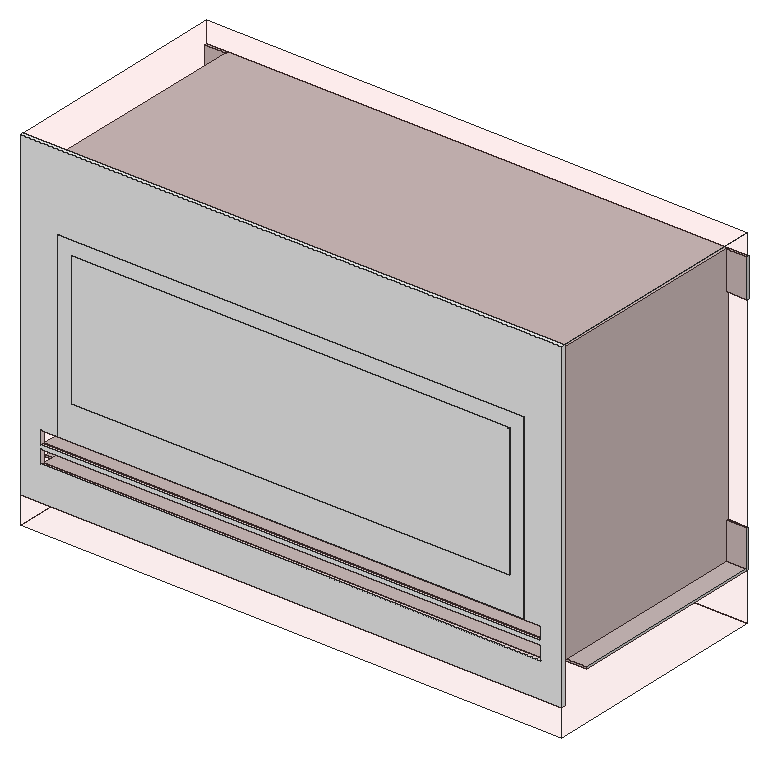
Revit family "Air-Curtain_Customer-Entry_PoweredAire_ECC-E", category Mechanical Equipment, host Face, Revit 2023
Family settings
  Host = Face
  Round Connector Dimension = Use Diameter
  Part Type = Normal
  OmniClass Number = 23.75.35.17.21
  OmniClass Title = Air Curtains
  Cut with Voids When Loaded = No
  Maintain Annotation Orientation = No
  Shared = No
  Room Calculation Point = No
Parameters
  Warranty Duration (Years) = 0
  Unit Width Notes = "Other Widths available."  # constant formula
  Unit Width = 3' - 3"
  Unit Weight = 0
  Unit Height = 1' - 4 3/4"
  Unit Depth = 1' - 11 1/4"
  URL = "http://www.poweredaire.com/"
  Test Data = ""
  Temperature Rise_Range = "as Specified"
  Standards Conformance = "as Specified"
  Specification = "http://www.arcat.com/sdspecs/htm04/23_34_33pai.htm"
  SpecWizard = ""
  Sound Pressure = "as Specified"
  Sales Information = "http://www.poweredaire.com/contact_us"
  Revision = "R1_2016-08"
  Projection from Host [instance] = 0' - 2"
  Product Properties = ""
  Product Data = "http://www.arcat.com/arcatcos/cos47/arc47623.html"
  Power Rating = 0 W
  Outlet Volume_Range = "as Specified"
  Outlet Velocity_Range = "as Specified"
  Nozzle Width = if(1 = 1, Unit Width - 0' 3", 0' 0")  # 3' - 0"
  Mounting Width = if(1 = 1, Unit Width - 0' 1 1/2", 0' 0")  # 3' - 1 1/2"
  Mounting Height [instance] = 3' - 6"
  Motor RPM = 0
  Motor HP = 0
  Motor Count = 0
  Model = "As Specified"
  Max Height = 0' - 0"
  Manufacturer Website = "http://www.poweredaire.com/"
  Manufacturer Phone - Toll Free = "888-321-2473"
  Manufacturer Phone = "724-588-3305"
  Manufacturer Fax = "724-588-3371"
  Manufacturer Address = "109 Mortensen Rd.  Greenville, PA 16125"
  Manufacturer = "Powered Aire, Inc"
  Maintenance Schedule (Months) = 0
  Keynote = "23 34 33"
  Installation-Fabrication = ""
  Installation Phase = ""
  Include Clearance [instance] = yes
  Heating Element Load = 0 W
  HVAC_Temperature Rise [instance] = 0 °F
  HVAC_Outlet Volume [instance] = 0 CFM
  HVAC_Outlet Velocity Uniformity = 0
  HVAC_Outlet Velocity [instance] = 0 FPM
  Green Building-LEED = "http://www.arcat.com/green/clients/leed_data_47623.html"
  Front Grating Material [instance] = Metal - Steel - PoweredAire - White Perforated
  Frame Finish [instance] = Metal - Steel - PoweredAire - Stainless 304
  Expected Lifespan (Years) = 0
  Electrical_Wattage [instance] = Power Rating + Heating Element Load  # 0 W
  Electrical_Voltage [instance] = 0 V
  Electrical_Phase [instance] = 1
  Electrical_Frequency [instance] = 0 Hz
  Electrical_Amperage [instance] = 0 A
  Drawn By = "Sumex Design, Inc. / Robert S. Weygant, CSI, CDT, SCIP"
  Description = "Powered Aire Air Curtain as Specified"
  Default Elevation = 0' - 0"  # constant formula
  Cover Finish [instance] = Metal - Steel - PoweredAire - White
  Copyright = "©Arcat Inc."
  Construction Details = "http://www.arcat.com/details/powair/prod3336.html"
  Clearance_Top [instance] = 0' - 0"
  Clearance_Side B [instance] = 0' - 0"
  Clearance_Side A [instance] = 0' - 0"
  Clearance_Intake [instance] = 0' - 0"
  Clearance_Front [instance] = 0' - 0"
  Clearance Material [instance] = ARCAT Clearance
  Building Codes = ""
  Available Options [instance] = "as Specified"
  Assembly Code = "D3090400"
Reference planes (in)
  plane 1 "Center (Elevation)": y = 8.51318
  plane 2: z = 0
  plane 3 "Center (Left/Right)": x = 0
  plane 4: y = 16.88818
  plane 5: y = 0.13818
  plane 6: x = -19.5
  plane 7: x = 19.5
  plane 8: z = 25.25
  plane 9 "FF": y = -41.86182
  plane 10: z = 2
  plane 11: x = 18
  plane 12: x = -18
  plane 13: y = 16.88818
  plane 14: y = 0.13818
  plane 15: x = -19.5
  plane 16: x = 19.5
  plane 17: z = 25.25
  plane 18: y = 0.38818
Forms (in)
  Extrusion 1, solid, material "ARCAT Clearance" <- "Clearance Material", visible <- "Include Clearance"
    sketch origin (0, 0, 0) x (0, 1, 0) y (0, 0, 1)
      loop
        line (0.13818, 25.25) -> (0.13818, 0) -> (16.88818, 0) -> (16.88818, 25.25) -> (0.13818, 25.25)
    from -19.5 to 19.5
  Extrusion 2, solid, material "Metal - Steel - PoweredAire - White" <- "Cover Finish"
    sketch origin (0, 8.51318, 0) x (1, 0, 0) y (0, 0, 1)
      loop
        line (-19.5, 25.25) -> (-19.5, 2) -> (19.5, 2) -> (19.5, 25.25) -> (-19.5, 25.25)
    from 8.125 to 8.375
  Extrusion 3, solid, material "Metal - Steel - PoweredAire - Stainless 304" <- "Frame Finish"
    sketch origin (0, 8.51318, 0) x (1, 0, 0) y (0, 0, 1)
      loop
        line (18, 23.75) -> (-18, 23.75) -> (-18, 3.5) -> (18, 3.5) -> (18, 23.75)
    from -8.375 to 8.125
  Extrusion 4, void
    sketch origin (0, 0, 0) x (0, 1, 0) y (0, 0, 1)
      loop
        line (0.13818, 5.5) -> (0.13818, 4.5) -> (1.88818, 4.5) -> (1.88818, 6.75) -> (0.13818, 6.75) -> (0.13818, 5.75) -> (1.63818, 5.75) -> (1.63818, 5.5) -> (0.13818, 5.5)
    from -18 to 18
  Extrusion 5, solid, material "Metal - Steel - PoweredAire - White" <- "Cover Finish"
    sketch origin (-11.83813, 0.13818, 48) x (-1, 0, 0) y (0, 0, 1)
      loop
        line (4.91187, -41.25) -> (4.91187, -28.25) -> (-28.58813, -28.25) -> (-28.58813, -41.25) -> (4.91187, -41.25)
    from 0 to -0.03125
  Extrusion 6, solid, material "Metal - Steel - PoweredAire - White Perforated" <- "Front Grating Material"
    sketch origin (-11.83813, 0.10693, 48) x (1, 0, 0) y (0, 0, 1)
      loop
        line (-3.91187, -29.25) -> (-3.91187, -38.75) -> (27.58813, -38.75) -> (27.58813, -29.25) -> (-3.91187, -29.25)
    from 0 to 0.03125
  Extrusion 7, solid, material "Metal - Steel - PoweredAire - Stainless 304" <- "Frame Finish"
    sketch origin (-15.17702, -180, 2) x (-1, 0, 0) y (0, -1, 0)
      loop
        line (-33.17702, -196.88818) -> (-33.17702, -182.38818) -> (-34.67702, -182.38818) -> (-34.67702, -196.88818) -> (-33.17702, -196.88818)
      loop
        line (2.82298, -196.88818) -> (4.32298, -196.88818) -> (4.32298, -182.38818) -> (2.82298, -182.38818) -> (2.82298, -196.88818)
    from 1.5 to 1.625
  Extrusion 8, solid, material "Metal - Steel - PoweredAire - Stainless 304" <- "Frame Finish"
    sketch origin (-11.83813, 16.88818, 48) x (-1, 0, 0) y (0, 0, 1)
      loop
        line (7.66187, -44.5) -> (7.66187, -41.75) -> (6.16187, -41.75) -> (6.16187, -44.5) -> (7.66187, -44.5)
      loop
        line (-31.33813, -44.5) -> (-29.83813, -44.5) -> (-29.83813, -41.75) -> (-31.33813, -41.75) -> (-31.33813, -44.5)
      loop
        line (7.66187, -27) -> (7.66187, -24.25) -> (6.16187, -24.25) -> (6.16187, -27) -> (7.66187, -27)
      loop
        line (-31.33813, -27) -> (-29.83813, -27) -> (-29.83813, -24.25) -> (-31.33813, -24.25) -> (-31.33813, -27)
    from 0 to -0.125
Cuts and joins
  Extrusion 4 cuts Extrusion 2
  Extrusion 4 cuts Extrusion 3
Dimensions and locks (in)
  equal spacing: plane 4, plane 1 "Center (Elevation)", plane 5
  "Unit Height": plane 4 to plane 5
  equal spacing: plane 6, plane 3 "Center (Left/Right)", plane 7
  "Unit Width": plane 6 to plane 7
  "Mounting Height": plane 5 to plane 9 "FF"
  "Projection from Host": plane 10 to level
  "Unit Depth": plane 8 to plane 10
  locked: plane 6 to plane 12 at 1.5
  locked: plane 11 to plane 7 at 1.5
  "Clearance_Side A": plane 7 to plane 16
  "Clearance_Side B": plane 15 to plane 6
  "Clearance_Top": plane 13 to plane 4
  "Clearance_Intake": plane 5 to plane 14
  "Clearance_Front": plane 17 to plane 8
  locked: plane 8 to Extrusion 3 sketch curve at 1.5
  locked: Extrusion 3 sketch curve to plane 10 at 1.5
  locked: plane 7 to Extrusion 3 sketch curve at 1.5
  locked: Extrusion 3 sketch curve to plane 6 at 1.5
  locked: plane 18 to plane 5 at 0.25
  Extrusion 4 sketch curve to Extrusion 4 sketch curve to Extrusion 4 sketch curve to Extrusion 4 sketch curve to plane 10 = 0' - 1" locked, 0' - 0 1/4" locked, 0' - 1" locked, 0' - 2 1/2" locked
  Extrusion 5 sketch curve to Extrusion 5 sketch curve to plane 10 = 1' - 1" locked, 0' - 4 3/4" locked
  locked: plane 11 to Extrusion 5 sketch curve at 1.25
  locked: Extrusion 5 sketch curve to plane 12 at 1.25
  Extrusion 6 sketch curve to Extrusion 6 sketch curve to plane 10 = 0' - 9 1/2" locked, 0' - 7 1/4" locked
  locked: Extrusion 6 sketch curve to plane 12 at 2.25
  locked: plane 11 to Extrusion 6 sketch curve at 2.25
  locked: plane 4 to Extrusion 7 sketch curve at 14.5  (x2)
  Extrusion 8 sketch curve to Extrusion 8 sketch curve to Extrusion 8 sketch curve to Extrusion 8 sketch curve to plane 10 = 0' - 2 3/4" locked, 1' - 2 3/4" locked, 0' - 2 3/4" locked, 0' - 1 1/2" locked  (x2)
  aligned and locked: plane 2 to host face
  aligned and locked: level to host face
  aligned and locked: Extrusion 1 sketch curve to plane 17
  aligned and locked: plane 14 to Extrusion 1 sketch curve
  aligned and locked: level to Extrusion 1 sketch curve
  aligned and locked: Extrusion 1 sketch curve to plane 13
  aligned and locked: plane 16 to Extrusion 1
  aligned and locked: Extrusion 1 to plane 15
  aligned and locked: Extrusion 2 sketch curve to plane 8
  aligned and locked: plane 6 to Extrusion 2 sketch curve
  aligned and locked: Extrusion 2 sketch curve to plane 10
  aligned and locked: Extrusion 2 sketch curve to plane 7
  aligned and locked: Extrusion 3 to plane 4
  aligned and locked: Extrusion 3 to plane 18
  aligned and locked: Extrusion 2 to plane 18
  aligned and locked: Extrusion 2 to plane 5
  aligned and locked: plane 11 to Extrusion 4
  aligned and locked: Extrusion 4 to plane 12
  aligned and locked: Extrusion 7 sketch curve to plane 4  (x2)
Automatic sketch dimensions
  host sketch curve to host sketch curve = 8' - 0"  (x2)
  Extrusion 4 sketch curve to plane 5 = 0' - 0"  (x2)
  plane 18 to Extrusion 4 sketch curve = 0' - 1 1/4"
  Extrusion 4 sketch curve to Extrusion 4 sketch curve = 0' - 0 1/4"
  Extrusion 7 sketch curve to plane 7 = 0' - 0"
  Extrusion 7 sketch curve to plane 11 = 0' - 0"
  Extrusion 7 sketch curve to plane 12 = 0' - 0"
  Extrusion 7 sketch curve to plane 6 = 0' - 0"
  Extrusion 8 sketch curve to plane 7 = 0' - 0"  (x2)
  Extrusion 8 sketch curve to plane 11 = 0' - 0"  (x2)
  Extrusion 8 sketch curve to plane 12 = 0' - 0"  (x2)
  Extrusion 8 sketch curve to plane 6 = 0' - 0"  (x2)
Connectors (in)
  electrical at (-18, 4.88818, 9.625), driven by "Electrical_Voltage", driven by "Electrical_Phase"
    settings: on cut or joined group of Extrusion 3, Extrusion 4, index 1, voltage 0 V, apparent load 0 VA, apparent load phase1 0 VA, apparent load phase2 0 VA, apparent load phase3 0 VA, power factor 1, load classification "Other", number of poles 1, system type 31, power factor state 1, is connector primary yes, connector utility no, sub classification motor no, connector description ""
